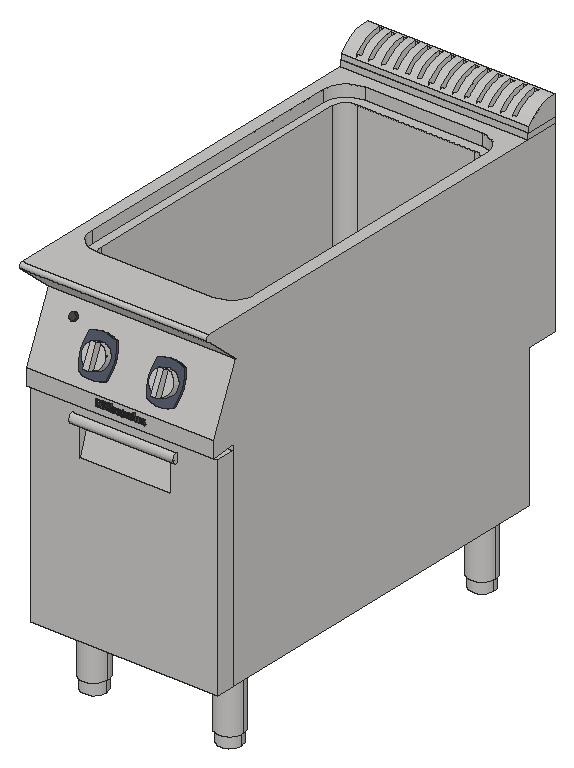
Revit family "QF_ELECTROLUXPROFESSIONAL_391412_E9OOCDBAMC", category Specialty Equipment, Revit 2018 (continued)
Automatic sketch dimensions
  plane 19 to curve 8 = 8.022 mm
  plane 19 to curve 70 = 9.782 mm
  plane 19 to curve 89 = 9.782 mm
  plane 19 to curve 79 = 9.782 mm
  plane 1 "BACK" to curve 58 = 6.761 mm
  plane 19 to curve 58 = 14.412 mm
  curve 57 to curve 56 = 9.296 mm
  curve 56 to curve 54 = 16.193 mm
  curve 53 to curve 52 = 9.296 mm
  plane 1 "BACK" to curve 50 = 6.761 mm
  curve 51 to curve 50 = 16.193 mm
  curve 47 to curve 48 = 9.296 mm
  curve 46 to plane 18 = 11.905 mm
  curve 44 to plane 18 = 2.61 mm
  plane 18 to curve 42 = 13.583 mm
  plane 7 "Center Y" to curve 39 = 8.121 mm
  curve 38 to plane 7 "Center Y" = 8.071 mm
  curve 37 to curve 36 = 9.296 mm
  plane 1 "BACK" to curve 34 = 6.761 mm
  curve 35 to curve 34 = 16.193 mm
  curve 33 to curve 32 = 9.296 mm
  plane 1 "BACK" to curve 30 = 6.761 mm
  curve 31 to curve 30 = 16.193 mm
  curve 29 to curve 28 = 9.296 mm
  curve 28 to curve 26 = 16.193 mm
  curve 25 to curve 24 = 9.296 mm
  curve 24 to curve 22 = 16.193 mm
  curve 19 to curve 20 = 9.296 mm
  plane 16 to curve 7 = 3.881 mm
  curve 15 to plane 16 = 0.809 mm
  plane 1 "BACK" to curve 14 = 6.761 mm
  curve 15 to curve 14 = 16.193 mm
  curve 13 to curve 12 = 9.296 mm
  curve 7 to curve 4 = 4.082 mm
  plane 1 "BACK" to curve 62 = 6.761 mm
  plane 1 "BACK" to curve 54 = 6.761 mm
  plane 1 "BACK" to curve 15 = 6.761 mm
  plane 1 "BACK" to curve 46 = 6.761 mm
  plane 1 "BACK" to curve 19 = 6.761 mm
  plane 1 "BACK" to curve 42 = 6.761 mm
  plane 1 "BACK" to curve 23 = 6.761 mm
  plane 1 "BACK" to curve 38 = 6.761 mm
  curve 27 to curve 30 = 57.15 mm
  curve 29 to curve 33 = 0 mm
  curve 33 to curve 36 = 0 mm
  curve 26 to curve 28 = 0 mm
  curve 37 to curve 40 = 0 mm
  curve 22 to curve 24 = 0 mm
  curve 41 to curve 44 = 0 mm
  curve 18 to curve 20 = 0 mm
  curve 45 to curve 48 = 0 mm
  curve 14 to curve 16 = 0 mm
  curve 49 to curve 52 = 0 mm
  curve 53 to curve 61 = 0 mm
  curve 61 to curve 64 = 0 mm
  curve 53 to curve 56 = 0 mm
  curve 12 to curve 9 = 7.979 mm
  curve 69 to plane 12 = 24.11 mm
  curve 86 to curve 68 = 0 mm
  curve 89 to plane 8 "Center X" = 141.643 mm
  curve 7 to curve 5 = 57 mm
  plane 16 to Extrusion 2 sketch curve = 20 mm
  plane 13 to Extrusion 2 sketch curve = 20 mm
  curve 68 to curve 82 = 0 mm  (x2)
  plane 16 to curve 68 = 20 mm
  plane 16 to curve 79 = 20 mm
  plane 16 to curve 83 = 20 mm
  plane 16 to curve 86 = 10 mm
  plane 16 to curve 18 = 8.487 mm
  plane 16 to Extrusion 13 sketch curve = 8.487 mm
  Extrusion 13 sketch curve to Extrusion 13 sketch curve = 17.193 mm
  plane 16 to Extrusion 15 sketch curve = 20 mm
  plane 16 to Extrusion 16 sketch curve = 20 mm  (x2)
  plane 16 to Extrusion 20 sketch curve = 49.333 mm
  Extrusion 20 sketch curve to Extrusion 20 sketch curve = 28.575 mm
  plane 16 to Extrusion 26 sketch curve = 10 mm
  radius of Extrusion 17 sketch curve = 12.7 mm
  radius of Extrusion 19 sketch curve = 9.525 mm
  radius of Extrusion 21 sketch curve = 25.4 mm
  radius of Extrusion 22 sketch curve to Extrusion 21 = 0 mm  (x2)
  radius of Extrusion 24 sketch curve = 25.4 mm
  radius of Extrusion 25 sketch curve to Extrusion 24 = 0 mm  (x2)
  radius of Extrusion 26 sketch curve = 7.5 mm
  radius of Extrusion 18 sketch curve = 6.35 mm
Connectors
  piping at (232, -780, 176), diameter 25.4
    settings: on Extrusion 17, index 1, connector inside diameter 1", connector length 0 mm, flow factor 0, pipe flow 0 GPM, pressure drop 0.00 psi, fitting loss kfactor 0, connector angle 0.00°, fixture units 0, engagement length 0 mm, angle of deflection 0.00°, flow configuration 1, flow direction 2, fitting loss method 0, system type 16, joint type 0, gender type 0, connector reference index -1, connector utility 0, adjustable connector no, is connector primary yes, connector description "DRAIN"
  piping at (335, -700, 200), diameter 19
    settings: on Extrusion 19, index 3, connector inside diameter 0.74803", connector length 0 mm, flow factor 0, pipe flow 0 GPM, pressure drop 0.00 psi, fitting loss kfactor 0, connector angle 0.00°, fixture units 0, engagement length 0 mm, angle of deflection 0.00°, flow configuration 1, flow direction 1, fitting loss method 0, system type 20, joint type 0, gender type 0, connector reference index -1, connector utility 0, adjustable connector no, is connector primary no, connector description "WATER INLET"
  electrical at (240, -570, 140)
    settings: on Extrusion 18, index 4, voltage 0 V, apparent load 0 VA, apparent load phase1 0 VA, apparent load phase2 0 VA, apparent load phase3 0 VA, power factor 1, load classification "Other", number of poles 1, system type 30, power factor state 1, is connector primary yes, connector utility no, sub classification motor no, connector description ""
